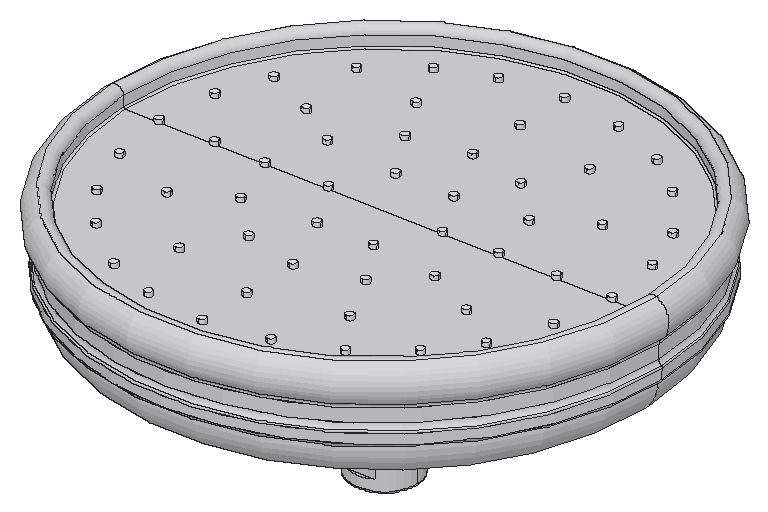
Revit family "Shower-Showerhead-KOHLER-Katalyst-13692W", category Plumbing Fixtures, host Face, Revit 2017
Family settings
  Host = Face
  Round Connector Dimension = Use Diameter
  Part Type = Normal
  OmniClass Number = 23.31.17.00
  OmniClass Title = Showers
  Cut with Voids When Loaded = No
  Shared = No
  Room Calculation Point = No
Parameters (values of type "CP-Polished Chrome")
  Width = 8 7/16"  # constant formula
  WaterSense Certified = 1 = 0  # no
  Waste Water Outlet = "Waste Water Outlet"  # constant formula
  Waste Connection = 1 = 0  # no
  Vent Connection = 1 = 0  # no
  URL = "https://www.kohler.co.uk/"
  Type = 1
  Tempered Water Inlet = "Tempered Water Inlet"  # constant formula
  Product Page URL = "https://www.kohler.co.uk/showering/water-delivery/rainheads/katalyst-traditional-round-rainhead-8in-diameter/"
  Product Name = "Katalyst"  # constant formula
  Product Documentation Link = "https://resources.kohler.com/plumbing/kohleruk/pdf/P6418%20Traditional%20Round%20Rainheads.pdf"
  Pressure = 7.252 psi  # constant formula
  Model = "13692W-CP"  # constant formula
  Material = "Brass Construction"  # constant formula
  Master Format 2014 Name = "Residential Showers"  # constant formula
  Master Format 2014 = "22 42 23"  # constant formula
  Manufacturer Address = "Cromwell Road, Cheltenham, Gloucestershire. GL52 5EP Registered in England No. 252115"  # constant formula
  Manufacturer = "KOHLER Co."  # constant formula
  Length = 8 7/16"  # constant formula
  Hot Water Inlet = "Hot Water Inlet"  # constant formula
  Height = 3 3/4"  # constant formula
  HW Connection = 1 = 1  # yes
  Flow Rate = 0 GPM
  Finish = Kohler-Metal-CP-Polished_Chrome
  Environmental Product Declaration = ""
  Drain Included = 1 = 0  # no
  Description = "Traditional round rainhead 8 Inch diameter"  # constant formula
  Default Elevation = 0"
  Declare Label = ""
  Date Modified = "09/07/2020"  # constant formula
  Date Created = "09/07/2020"  # constant formula
  Copyright = "Copyright KOHLER Co."  # constant formula
  Contact Us = "https://www.kohler.co.uk/support/contact/"
  Cold Water Inlet = "Cold Water Inlet"  # constant formula
  CW Connection = 1 = 0  # no
  Assembly Code = "D2010700"
  ADA Compliant = 1 = 0  # no
Reference planes (in)
  plane 1 "Center (Front/Back)": y = 0
  plane 2: z = 0
  plane 3 "Center (Left/Right)": x = 0
  plane 4: through (4.22264, 4.22346, 48) normal (0.0001, -1, 0)
  plane 5: through (-4.22264, -4.21525, 48) normal (-0.0001, 1, 0)
  plane 6: x = 4.21875
  plane 7: x = -4.21875
  plane 8: through (0.08932, -4.22264, 48) normal (-1, -0.0035, 0)
  plane 9: through (-0.082, 4.2293, 48) normal (1, 0.0035, 0)
  plane 10: through (4.22264, 0.06834, 48) normal (-0.0006, -1, 0)
  plane 11: through (-4.22264, -0.06834, 48) normal (0.0006, 1, 0)
  plane 12: z = 3.75
Dimensions and locks (in)
  "Width": plane 7 to plane 6
  "Length": plane 4 to plane 5
  "Height": plane 12 to level
  aligned and locked: plane 2 to host face
  aligned and locked: level to host face
Automatic sketch dimensions
  host sketch curve to host sketch curve = 96"  (x2)
Nested families (in)
  nested 1: "13692W" at (0, 0, 0), type "13692W"
Connectors (in)
  piping at (0, 0, 0), diameter 0.5, driven by "Flow Rate", driven by "Tempered Water Inlet", driven by "HW Connection", driven by "Pressure"
    settings: on nested 1, index 1, connector inside diameter 24", connector length 0", flow factor 0, pipe flow 0 GPM, pressure drop 7.252 psi, fitting loss kfactor 0, connector angle 0.00°, fixture units 0, engagement length 0", angle of deflection 0.00°, flow configuration 0, flow direction 1, fitting loss method 4, system type 19, joint type 0, gender type 0, connector reference index -1, connector utility 1, adjustable connector no, is connector primary yes, connector description "Tempered Water Inlet"
Definition of nested family "13692W"
  Parameters (values of type "13692W")
    Material = none
  Reference planes (in)
    plane 1 "Center (Front/Back)": y = 0
    plane 2: z = 0
    plane 3 "Center (Left/Right)": x = 0
    plane 4: x = -4.21875
    plane 5: x = 4.21875
    plane 6: z = 3.75
    plane 7: through (-5.3849, 4.22208, 48) normal (-0.0001, 1, 0)
    plane 8: through (-5.38369, -4.21542, 48) normal (-0.0001, 1, 0)
    plane 9: through (0.07442, 0.00435, 0.0236) normal (1, 0.0035, 0)
    plane 10: through (-0.06711, 0.00385, 0.0236) normal (1, 0.0035, 0)
    plane 11: through (0.00004, 0.07077, 0.0236) normal (0.0006, 1, 0)
    plane 12: through (-0.00004, -0.07077, 0.0236) normal (0.0006, 1, 0)
  Forms (in)
    Revolve 1, solid, material <- "Material", detail levels medium+fine
      sketch origin (0, 0, 0) x (1, 0, 0) y (0, 0, 1)
        loop
          line (0, 1.19535) -> (0, 3.4677) -> (-3.8452, 3.4677)
          arc (-3.8452, 3.4677) -> (-3.86407, 3.47552) -> (-3.87188, 3.49439) r 0.02668
          line (-3.87188, 3.49439) -> (-3.87188, 3.63739)
          arc (-3.87188, 3.63739) -> (-3.92397, 3.7322) -> (-4.03192, 3.73909) r 0.11234
          arc (-4.03192, 3.73909) -> (-4.21656, 3.48284) -> (-4.09612, 3.19086) r 0.32476
          arc (-4.09612, 3.19086) -> (-4.07687, 3.16679) -> (-4.07001, 3.13675) r 0.06913
          line (-4.07001, 3.13675) -> (-4.07001, 2.93682)
          arc (-4.07001, 2.93682) -> (-4.07993, 2.88923) -> (-4.10805, 2.84957) r 0.11907
          arc (-4.10805, 2.84957) -> (-4.11691, 2.83708) -> (-4.12004, 2.82208) r 0.03752
          line (-4.12004, 2.82208) -> (-4.12004, 2.67995)
          arc (-4.12004, 2.67995) -> (-4.10855, 2.65223) -> (-4.08084, 2.64075) r 0.0392
          line (-4.08084, 2.64075) -> (-4.0501, 2.64075)
          arc (-4.0501, 2.64075) -> (-3.95382, 2.30314) -> (-3.66286, 2.10667) r 0.51255
          line (-3.66286, 2.10667) -> (-1.26896, 1.50981)
          arc (-1.26896, 1.50981) -> (-1.0792, 1.43838) -> (-0.91086, 1.32535) r 0.87855
          line (-0.91086, 1.32535) -> (-0.91086, 1.19535) -> (0, 1.19535)
        axis (0, 1.19535) -> (0, 3.73909)
      angle from 0 to 360
    Extrusion 2, void
      sketch origin (0, 0, 0) x (1, 0, 0) y (0, 1, 0)
        loop
          line (0.49476, 0.85696) -> (-0.49476, 0.85696) -> (-0.98953, 0) -> (-0.49476, -0.85696) -> (0.49476, -0.85696) -> (0.98953, 0) -> (0.49476, 0.85696)
        loop
          line (-1.15672, 0) -> (-0.56515, -1.02463) -> (0.56515, -1.02463) -> (1.15672, 0) -> (0.56515, 1.02463) -> (-0.56515, 1.02463) -> (-1.15672, 0)
      from 1.19535 to 1.32535
    Revolve 3, solid, material <- "Material", detail levels medium+fine
      sketch origin (0, 0, 0) x (1, 0, 0) y (0, 0, 1)
        loop
          line (-0.49517, 0.75179) -> (-0.49517, 0.02027)
          arc (-0.49517, 0.02027) -> (-0.48923, 0.00594) -> (-0.47489, 0) r 0.02027
          line (-0.47489, 0) -> (0, 0) -> (0, 1.19535) -> (-0.43763, 1.19535)
          arc (-0.43763, 1.19535) -> (-0.39122, 1.13595) -> (-0.33697, 1.08361) r 0.53861
          arc (-0.33697, 1.08361) -> (-0.31234, 1.0187) -> (-0.35483, 0.9638) r 0.07102
          arc (-0.35483, 0.9638) -> (-0.4569, 0.87891) -> (-0.49517, 0.75179) r 0.23032
        axis (0, 0) -> (0, 1.19535)
      angle from 0 to 360
    Extrusion 4, void
      sketch origin (0, 0, 0) x (1, 0, 0) y (0, 0, -1)
        loop
          line (-0.53777, -0.17323) -> (-0.53777, -1.0187) -> (0.7506, -1.0187) -> (0.7506, -0.17323) -> (-0.53777, -0.17323)
      from 0.44233 to 0.56317
    Extrusion 5, solid, material <- "Material", detail levels medium+fine
      sketch origin (0, 0, 0) x (1, 0, 0) y (0, 1, 0)
        loop
          circle (0, 0) r 0.07077
      from 0 to 0.0236
    Revolve 6, solid, material <- "Material", detail levels coarse
      sketch origin (0, 0, 0) x (1, 0, 0) y (0, 0, 1)
        loop
          line (-0.55866, 0) -> (0, 0) -> (0, 3.78094) -> (-4.22191, 3.78094) -> (-4.22191, 2.61699)
          arc (-4.22191, 2.61699) -> (-4.11526, 2.30832) -> (-3.84079, 2.13133) r 0.5
          line (-3.84079, 2.13133) -> (-0.9313, 1.41915) -> (-0.9313, 1.18162) -> (-0.55866, 1.18162) -> (-0.55866, 0)
        axis (0, 3.78094) -> (0, 0)
      angle from 0 to 360
    Extrusion 7, solid, detail levels medium+fine
      sketch origin (0, 0, 0) x (1, 0, 0) y (0, 1, 0)
        loop
          circle (-1.64146, 2.95796) r 0.05628
        loop
          circle (-0.90403, 3.2431) r 0.05628
        loop
          circle (-1.28559, 2.19478) r 0.05628
        loop
          circle (-2.3396, 2.40459) r 0.05628
        loop
          circle (-2.95386, 1.64556) r 0.05628
        loop
          circle (-2.19068, 1.28969) r 0.05628
        loop
          circle (-0.89365, 1.50142) r 0.05628
        loop
          circle (-1.53397, 0.86111) r 0.05628
        loop
          circle (-3.23899, 0.90813) r 0.05628
        loop
          circle (-3.35307, 0.01894) r 0.05628
        loop
          circle (-2.53071, 0.01894) r 0.05628
        loop
          circle (-1.76599, -0.00482) r 0.05628
        loop
          circle (-2.21751, -1.25991) r 0.05628
        loop
          circle (-1.46448, -0.8332) r 0.05628
        loop
          circle (-3.2146, -0.88861) r 0.05628
        loop
          circle (-2.88383, -1.72647) r 0.05628
        loop
          circle (-2.40049, -2.34327) r 0.05628
        loop
          circle (-1.28559, -2.19435) r 0.05628
        loop
          circle (-1.64146, -2.95753) r 0.05628
        loop
          circle (-0.40814, -0.73592) r 0.05628
        loop
          circle (-0.84452, 0.0199) r 0.05628
        loop
          circle (-0.83514, -1.47079) r 0.05628
        loop
          circle (-0.90403, -3.24266) r 0.05628
        loop
          circle (-0.42743, 0.74232) r 0.05628
        loop
          circle (-0.01411, -1.6755) r 0.05628
        loop
          circle (-0.01484, -2.53438) r 0.05628
        loop
          circle (-0.01484, -3.35674) r 0.05628
        loop
          circle (0.89272, -3.21827) r 0.05628
        loop
          circle (1.26402, -2.22118) r 0.05628
        loop
          circle (1.73057, -2.8875) r 0.05628
        loop
          circle (2.40826, -2.34327) r 0.05628
        loop
          circle (2.8916, -1.72647) r 0.05628
        loop
          circle (3.22237, -0.88861) r 0.05628
        loop
          circle (2.22529, -1.25991) r 0.05628
        loop
          circle (1.44218, -0.86786) r 0.05628
        loop
          circle (0.87197, -1.43807) r 0.05628
        loop
          circle (0.42763, -0.73592) r 0.05628
        loop
          circle (0.86073, 0.00496) r 0.05231
        loop
          circle (1.6796, 0.01821) r 0.05628
        loop
          circle (2.53848, 0.01894) r 0.05628
        loop
          circle (3.36084, 0.01894) r 0.05628
        loop
          circle (3.24677, 0.90813) r 0.05628
        loop
          circle (2.96163, 1.64556) r 0.05628
        loop
          circle (2.19845, 1.28969) r 0.05628
        loop
          circle (1.47489, 0.83924) r 0.05628
        loop
          circle (0.43501, 0.74232) r 0.05628
        loop
          circle (-0.01405, 1.65652) r 0.05628
        loop
          circle (0.84937, 1.46477) r 0.05628
        loop
          circle (-0.01484, 2.53481) r 0.05628
        loop
          circle (-0.01484, 3.35717) r 0.05628
        loop
          circle (0.89272, 3.2187) r 0.05628
        loop
          circle (1.73057, 2.88793) r 0.05628
        loop
          circle (1.26402, 2.22162) r 0.05628
        loop
          circle (2.34737, 2.40459) r 0.05628
      from 3.41589 to 3.51953
    Extrusion 8, void
      sketch origin (0, 0, 0) x (1, 0, 0) y (0, 0, 1)
        loop
          line (-0.53777, 0.17323) -> (0.7506, 0.17323) -> (0.7506, 1.0187) -> (-0.53777, 1.0187) -> (-0.53777, 0.17323)
      from 0.44233 to 0.56317
  Cuts and joins
    Extrusion 2, Extrusion 8 cuts Revolve 1
    Extrusion 4, Extrusion 8 cuts Revolve 3
    joined: Revolve 1, Revolve 3
  Lines and regions (in)
    Masking region 1
      outline origin (0, 0, 0) x (1, 0, 0) y (0, 1, 0)
        loop
          circle (0, 0) r 4.22264
    Masking region 2
      outline origin (0, 0, 0) x (1, 0, 0) y (0, 0, 1)
        loop
          arc (-0.43763, 1.19535) -> (-0.39122, 1.13595) -> (-0.33697, 1.08361) r 0.53861
          arc (-0.33697, 1.08361) -> (-0.31234, 1.0187) -> (-0.35483, 0.9638) r 0.07102
          arc (-0.35483, 0.9638) -> (-0.4569, 0.87891) -> (-0.49517, 0.75179) r 0.23032
          line (-0.49517, 0.75179) -> (-0.49517, 0.02027)
          arc (-0.49517, 0.02027) -> (-0.48923, 0.00594) -> (-0.47489, 0) r 0.02027
          line (-0.47489, 0) -> (0, 0) -> (0.47489, 0)
          arc (0.47489, 0) -> (0.48923, 0.00594) -> (0.49517, 0.02027) r 0.02027
          line (0.49517, 0.02027) -> (0.49517, 0.75179)
          arc (0.49517, 0.75179) -> (0.4569, 0.87891) -> (0.35483, 0.9638) r 0.23032
          arc (0.35483, 0.9638) -> (0.31234, 1.0187) -> (0.33697, 1.08361) r 0.07102
          arc (0.33697, 1.08361) -> (0.39122, 1.13595) -> (0.43763, 1.19535) r 0.53861
          line (0.43763, 1.19535) -> (0.91086, 1.19535) -> (0.91086, 1.32535)
          arc (0.91086, 1.32535) -> (1.0792, 1.43838) -> (1.26896, 1.50981) r 0.87855
          line (1.26896, 1.50981) -> (3.66286, 2.10667)
          arc (3.66286, 2.10667) -> (3.95382, 2.30314) -> (4.0501, 2.64075) r 0.51255
          line (4.0501, 2.64075) -> (4.08084, 2.64075)
          arc (4.08084, 2.64075) -> (4.10855, 2.65223) -> (4.12004, 2.67995) r 0.0392
          line (4.12004, 2.67995) -> (4.12004, 2.82208)
          arc (4.12004, 2.82208) -> (4.11691, 2.83708) -> (4.10805, 2.84957) r 0.03752
          arc (4.10805, 2.84957) -> (4.07993, 2.88923) -> (4.07001, 2.93682) r 0.11907
          line (4.07001, 2.93682) -> (4.07001, 3.13675)
          arc (4.07001, 3.13675) -> (4.07687, 3.16679) -> (4.09612, 3.19086) r 0.06913
          arc (4.09612, 3.19086) -> (4.21461, 3.49688) -> (4.00574, 3.75) r 0.32476
          line (4.00574, 3.75) -> (0, 3.75) -> (-4.00574, 3.75)
          arc (-4.00574, 3.75) -> (-4.21461, 3.49688) -> (-4.09612, 3.19086) r 0.32476
          arc (-4.09612, 3.19086) -> (-4.07687, 3.16679) -> (-4.07001, 3.13675) r 0.06913
          line (-4.07001, 3.13675) -> (-4.07001, 2.93682)
          arc (-4.07001, 2.93682) -> (-4.07993, 2.88923) -> (-4.10805, 2.84957) r 0.11907
          arc (-4.10805, 2.84957) -> (-4.11691, 2.83708) -> (-4.12004, 2.82208) r 0.03752
          line (-4.12004, 2.82208) -> (-4.12004, 2.67995)
          arc (-4.12004, 2.67995) -> (-4.10855, 2.65223) -> (-4.08084, 2.64075) r 0.0392
          line (-4.08084, 2.64075) -> (-4.0501, 2.64075)
          arc (-4.0501, 2.64075) -> (-3.95382, 2.30314) -> (-3.66286, 2.10667) r 0.51255
          line (-3.66286, 2.10667) -> (-1.26896, 1.50981)
          arc (-1.26896, 1.50981) -> (-1.0792, 1.43838) -> (-0.91086, 1.32535) r 0.87855
          line (-0.91086, 1.32535) -> (-0.91086, 1.19535) -> (-0.43763, 1.19535)
    Masking region 3
      outline origin (0, 0, 0) x (0, 1, 0) y (0, 0, 1)
        loop
          line (-0.47499, -0.00011) -> (0, -0.00011) -> (0.475, -0.00011)
          arc (0.475, -0.00011) -> (0.48943, 0.00587) -> (0.49541, 0.0203) r 0.02042
          line (0.49541, 0.0203) -> (0.49541, 0.17323) -> (0.44233, 0.17323) -> (0.44233, 0.89858)
          arc (0.44233, 0.89858) -> (0.4025, 0.93645) -> (0.35484, 0.9638) r 0.23032
          arc (0.35484, 0.9638) -> (0.31234, 1.01871) -> (0.33697, 1.08361) r 0.07102
          arc (0.33697, 1.08361) -> (0.39122, 1.13595) -> (0.43763, 1.19535) r 0.53861
          line (0.43763, 1.19535) -> (0.91086, 1.19535) -> (0.91086, 1.32535)
          arc (0.91086, 1.32535) -> (1.0792, 1.43838) -> (1.26896, 1.50981) r 0.87855
          line (1.26896, 1.50981) -> (3.66286, 2.10667)
          arc (3.66286, 2.10667) -> (3.95382, 2.30314) -> (4.0501, 2.64075) r 0.51255
          line (4.0501, 2.64075) -> (4.09167, 2.64075)
          arc (4.09167, 2.64075) -> (4.11939, 2.65223) -> (4.13087, 2.67995) r 0.0392
          line (4.13087, 2.67995) -> (4.13087, 2.82208)
          arc (4.13087, 2.82208) -> (4.12774, 2.83708) -> (4.11888, 2.84957) r 0.03752
          arc (4.11888, 2.84957) -> (4.09076, 2.88923) -> (4.08084, 2.93682) r 0.11907
          line (4.08084, 2.93682) -> (4.08084, 3.13675)
          arc (4.08084, 3.13675) -> (4.08771, 3.16679) -> (4.10695, 3.19086) r 0.06913
          arc (4.10695, 3.19086) -> (4.22544, 3.49688) -> (4.01658, 3.75) r 0.32476
          line (4.01658, 3.75) -> (0, 3.75) -> (-4.00574, 3.75)
          arc (-4.00574, 3.75) -> (-4.21461, 3.49688) -> (-4.09612, 3.19086) r 0.32476
          arc (-4.09612, 3.19086) -> (-4.07687, 3.16679) -> (-4.07001, 3.13675) r 0.06913
          line (-4.07001, 3.13675) -> (-4.07001, 2.93682)
          arc (-4.07001, 2.93682) -> (-4.07993, 2.88923) -> (-4.10805, 2.84957) r 0.11907
          arc (-4.10805, 2.84957) -> (-4.11691, 2.83708) -> (-4.12004, 2.82208) r 0.03752
          line (-4.12004, 2.82208) -> (-4.12004, 2.67995)
          arc (-4.12004, 2.67995) -> (-4.10855, 2.65223) -> (-4.08084, 2.64075) r 0.0392
          line (-4.08084, 2.64075) -> (-4.0501, 2.64075)
          arc (-4.0501, 2.64075) -> (-3.95382, 2.30314) -> (-3.66286, 2.10667) r 0.51255
          line (-3.66286, 2.10667) -> (-1.26896, 1.50981)
          arc (-1.26896, 1.50981) -> (-1.0792, 1.43838) -> (-0.91086, 1.32535) r 0.87855
          line (-0.91086, 1.32535) -> (-0.91086, 1.19535) -> (-0.43763, 1.19535)
          arc (-0.43763, 1.19535) -> (-0.39122, 1.13595) -> (-0.33697, 1.08361) r 0.53861
          arc (-0.33697, 1.08361) -> (-0.31234, 1.01871) -> (-0.35484, 0.9638) r 0.07102
          arc (-0.35484, 0.9638) -> (-0.4025, 0.93645) -> (-0.44233, 0.89858) r 0.23032
          line (-0.44233, 0.89858) -> (-0.44233, 0.17323) -> (-0.49539, 0.17323) -> (-0.49539, 0.0203)
          arc (-0.49539, 0.0203) -> (-0.48942, 0.00587) -> (-0.47499, -0.00011) r 0.02041
    symbolic lines, detail levels medium+fine
      curve 1: arc (-3.40935, 0.01894, 0) -> (-3.35307, -0.03734, 0) -> (-3.29679, 0.01894, 0) r 0.05628
      curve 2: arc (-3.29679, 0.01894, 0) -> (-3.35307, 0.07522, 0) -> (-3.40935, 0.01894, 0) r 0.05628
      curve 3: arc (-2.58699, 0.01894, 0) -> (-2.53071, -0.03734, 0) -> (-2.47443, 0.01894, 0) r 0.05628
      curve 4: arc (-2.47443, 0.01894, 0) -> (-2.53071, 0.07522, 0) -> (-2.58699, 0.01894, 0) r 0.05628
      curve 5: arc (-1.82227, -0.00482, 0) -> (-1.76599, -0.0611, 0) -> (-1.70971, -0.00482, 0) r 0.05628
      curve 6: arc (-1.70971, -0.00482, 0) -> (-1.76599, 0.05146, 0) -> (-1.82227, -0.00482, 0) r 0.05628
      curve 7: arc (-0.9008, 0.0199, 0) -> (-0.84452, -0.03638, 0) -> (-0.78823, 0.0199, 0) r 0.05628
      curve 8: arc (-0.78823, 0.0199, 0) -> (-0.84452, 0.07618, 0) -> (-0.9008, 0.0199, 0) r 0.05628
      curve 9: arc (-3.27088, -0.88861, 0) -> (-3.2146, -0.94489, 0) -> (-3.15832, -0.88861, 0) r 0.05628
      curve 10: arc (-3.15832, -0.88861, 0) -> (-3.2146, -0.83233, 0) -> (-3.27088, -0.88861, 0) r 0.05628
      curve 11: arc (-1.52076, -0.8332, 0) -> (-1.46448, -0.88948, 0) -> (-1.4082, -0.8332, 0) r 0.05628
      curve 12: arc (-1.4082, -0.8332, 0) -> (-1.46448, -0.77692, 0) -> (-1.52076, -0.8332, 0) r 0.05628
      curve 13: arc (-2.27379, -1.25991, 0) -> (-2.21751, -1.3162, 0) -> (-2.16123, -1.25991, 0) r 0.05628
      curve 14: arc (-2.16123, -1.25991, 0) -> (-2.21751, -1.20363, 0) -> (-2.27379, -1.25991, 0) r 0.05628
      curve 15: arc (-2.94011, -1.72647, 0) -> (-2.88383, -1.78275, 0) -> (-2.82755, -1.72647, 0) r 0.05628
      curve 16: arc (-2.82755, -1.72647, 0) -> (-2.88383, -1.67019, 0) -> (-2.94011, -1.72647, 0) r 0.05628
      curve 17: arc (-0.83514, -1.41451, 0) -> (-0.89142, -1.47079, 0) -> (-0.83514, -1.52707, 0) r 0.05628
      curve 18: arc (-0.83514, -1.52707, 0) -> (-0.77886, -1.47079, 0) -> (-0.83514, -1.41451, 0) r 0.05628
      curve 19: arc (-1.28559, -2.13807, 0) -> (-1.34187, -2.19435, 0) -> (-1.28559, -2.25063, 0) r 0.05628
      curve 20: arc (-1.28559, -2.25063, 0) -> (-1.2293, -2.19435, 0) -> (-1.28559, -2.13807, 0) r 0.05628
      curve 21: arc (-2.40049, -2.28698, 0) -> (-2.45677, -2.34327, 0) -> (-2.40049, -2.39955, 0) r 0.05628
      curve 22: arc (-2.40049, -2.39955, 0) -> (-2.34421, -2.34327, 0) -> (-2.40049, -2.28698, 0) r 0.05628
      curve 23: arc (-1.64146, -3.01381, 0) -> (-1.58518, -2.95753, 0) -> (-1.64146, -2.90125, 0) r 0.05628
      curve 24: arc (-1.64146, -2.90125, 0) -> (-1.69774, -2.95753, 0) -> (-1.64146, -3.01381, 0) r 0.05628
      curve 25: arc (-0.90403, -3.18638, 0) -> (-0.96031, -3.24266, 0) -> (-0.90403, -3.29894, 0) r 0.05628
      curve 26: arc (-0.90403, -3.29894, 0) -> (-0.84775, -3.24266, 0) -> (-0.90403, -3.18638, 0) r 0.05628
      curve 27: arc (-0.01484, -3.30046, 0) -> (-0.07112, -3.35674, 0) -> (-0.01484, -3.41302, 0) r 0.05628
      curve 28: arc (-0.01484, -3.41302, 0) -> (0.04144, -3.35674, 0) -> (-0.01484, -3.30046, 0) r 0.05628
      curve 29: arc (-0.01484, -2.47809, 0) -> (-0.07112, -2.53438, 0) -> (-0.01484, -2.59066, 0) r 0.05628
      curve 30: arc (-0.01484, -2.59066, 0) -> (0.04144, -2.53438, 0) -> (-0.01484, -2.47809, 0) r 0.05628
      curve 31: arc (-0.01411, -1.61922, 0) -> (-0.07039, -1.6755, 0) -> (-0.01411, -1.73178, 0) r 0.05628
      curve 32: arc (-0.01411, -1.73178, 0) -> (0.04217, -1.6755, 0) -> (-0.01411, -1.61922, 0) r 0.05628
      curve 33: arc (-0.46442, -0.73592, 0) -> (-0.40814, -0.7922, 0) -> (-0.35186, -0.73592, 0) r 0.05628
      curve 34: arc (-0.35186, -0.73592, 0) -> (-0.40814, -0.67964, 0) -> (-0.46442, -0.73592, 0) r 0.05628
      curve 35: arc (0.37135, -0.73592, 0) -> (0.42763, -0.7922, 0) -> (0.48391, -0.73592, 0) r 0.05628
      curve 36: arc (0.48391, -0.73592, 0) -> (0.42763, -0.67964, 0) -> (0.37135, -0.73592, 0) r 0.05628
      curve 37: arc (0.89272, -3.16198, 0) -> (0.83643, -3.21827, 0) -> (0.89272, -3.27455, 0) r 0.05628
      curve 38: arc (0.89272, -3.27455, 0) -> (0.949, -3.21827, 0) -> (0.89272, -3.16198, 0) r 0.05628
      curve 39: arc (1.73057, -2.83121, 0) -> (1.67429, -2.8875, 0) -> (1.73057, -2.94378, 0) r 0.05628
      curve 40: arc (1.73057, -2.94378, 0) -> (1.78685, -2.8875, 0) -> (1.73057, -2.83121, 0) r 0.05628
      curve 41: arc (1.26402, -2.1649, 0) -> (1.20774, -2.22118, 0) -> (1.26402, -2.27746, 0) r 0.05628
      curve 42: arc (1.26402, -2.27746, 0) -> (1.3203, -2.22118, 0) -> (1.26402, -2.1649, 0) r 0.05628
      curve 43: arc (0.87197, -1.38179, 0) -> (0.81569, -1.43807, 0) -> (0.87197, -1.49436, 0) r 0.05628
      curve 44: arc (0.87197, -1.49436, 0) -> (0.92825, -1.43807, 0) -> (0.87197, -1.38179, 0) r 0.05628
      curve 45: arc (2.40826, -2.28698, 0) -> (2.46454, -2.34327, 0) -> (2.40826, -2.39955, 0) r 0.05628
      curve 46: arc (2.40826, -2.39955, 0) -> (2.35198, -2.34327, 0) -> (2.40826, -2.28698, 0) r 0.05628
      curve 47: arc (2.94788, -1.72647, 0) -> (2.8916, -1.78275, 0) -> (2.83532, -1.72647, 0) r 0.05628
      curve 48: arc (2.83532, -1.72647, 0) -> (2.8916, -1.67019, 0) -> (2.94788, -1.72647, 0) r 0.05628
      curve 49: arc (3.27865, -0.88861, 0) -> (3.22237, -0.94489, 0) -> (3.16609, -0.88861, 0) r 0.05628
      curve 50: arc (3.16609, -0.88861, 0) -> (3.22237, -0.83233, 0) -> (3.27865, -0.88861, 0) r 0.05628
      curve 51: arc (2.28157, -1.25991, 0) -> (2.22529, -1.3162, 0) -> (2.169, -1.25991, 0) r 0.05628
      curve 52: arc (2.169, -1.25991, 0) -> (2.22529, -1.20363, 0) -> (2.28157, -1.25991, 0) r 0.05628
      curve 53: arc (1.3859, -0.86786, 0) -> (1.44218, -0.92415, 0) -> (1.49846, -0.86786, 0) r 0.05628
      curve 54: arc (1.49846, -0.86786, 0) -> (1.44218, -0.81158, 0) -> (1.3859, -0.86786, 0) r 0.05628
      curve 55: arc (0.80841, 0.00496, 0) -> (0.86073, -0.04735, 0) -> (0.91304, 0.00496, 0) r 0.05231
      curve 56: arc (0.91304, 0.00496, 0) -> (0.86073, 0.05727, 0) -> (0.80841, 0.00496, 0) r 0.05231
      curve 57: arc (1.73588, 0.01821, 0) -> (1.6796, 0.07449, 0) -> (1.62332, 0.01821, 0) r 0.05628
      curve 58: arc (1.62332, 0.01821, 0) -> (1.6796, -0.03807, 0) -> (1.73588, 0.01821, 0) r 0.05628
      curve 59: arc (2.4822, 0.01894, 0) -> (2.53848, 0.07522, 0) -> (2.59476, 0.01894, 0) r 0.05628
      curve 60: arc (2.59476, 0.01894, 0) -> (2.53848, -0.03734, 0) -> (2.4822, 0.01894, 0) r 0.05628
      curve 61: arc (3.30456, 0.01894, 0) -> (3.36084, 0.07522, 0) -> (3.41712, 0.01894, 0) r 0.05628
      curve 62: arc (3.41712, 0.01894, 0) -> (3.36084, -0.03734, 0) -> (3.30456, 0.01894, 0) r 0.05628
      curve 63: arc (0.37873, 0.74232, 0) -> (0.43501, 0.68604, 0) -> (0.49129, 0.74232, 0) r 0.05628
      curve 64: arc (0.49129, 0.74232, 0) -> (0.43501, 0.7986, 0) -> (0.37873, 0.74232, 0) r 0.05628
      curve 65: arc (1.41861, 0.83924, 0) -> (1.47489, 0.78296, 0) -> (1.53118, 0.83924, 0) r 0.05628
      curve 66: arc (1.53118, 0.83924, 0) -> (1.47489, 0.89552, 0) -> (1.41861, 0.83924, 0) r 0.05628
      curve 67: arc (3.30305, 0.90813, 0) -> (3.24677, 0.85185, 0) -> (3.19048, 0.90813, 0) r 0.05628
      curve 68: arc (3.19048, 0.90813, 0) -> (3.24677, 0.96441, 0) -> (3.30305, 0.90813, 0) r 0.05628
      curve 69: arc (3.01791, 1.64556, 0) -> (2.96163, 1.58928, 0) -> (2.90535, 1.64556, 0) r 0.05628
      curve 70: arc (2.90535, 1.64556, 0) -> (2.96163, 1.70184, 0) -> (3.01791, 1.64556, 0) r 0.05628
      curve 71: arc (2.25473, 1.28969, 0) -> (2.19845, 1.23341, 0) -> (2.14217, 1.28969, 0) r 0.05628
      curve 72: arc (2.14217, 1.28969, 0) -> (2.19845, 1.34597, 0) -> (2.25473, 1.28969, 0) r 0.05628
      curve 73: arc (2.40365, 2.40459, 0) -> (2.34737, 2.46087, 0) -> (2.29109, 2.40459, 0) r 0.05628
      curve 74: arc (2.29109, 2.40459, 0) -> (2.34737, 2.34831, 0) -> (2.40365, 2.40459, 0) r 0.05628
      curve 75: arc (1.73057, 2.94421, 0) -> (1.78685, 2.88793, 0) -> (1.73057, 2.83165, 0) r 0.05628
      curve 76: arc (1.73057, 2.83165, 0) -> (1.67429, 2.88793, 0) -> (1.73057, 2.94421, 0) r 0.05628
      curve 77: arc (1.26402, 2.2779, 0) -> (1.3203, 2.22162, 0) -> (1.26402, 2.16533, 0) r 0.05628
      curve 78: arc (1.26402, 2.16533, 0) -> (1.20774, 2.22162, 0) -> (1.26402, 2.2779, 0) r 0.05628
      curve 79: arc (0.79308, 1.46477, 0) -> (0.84937, 1.40849, 0) -> (0.90565, 1.46477, 0) r 0.05628
      curve 80: arc (0.90565, 1.46477, 0) -> (0.84937, 1.52105, 0) -> (0.79308, 1.46477, 0) r 0.05628
      curve 81: arc (-0.48371, 0.74232, 0) -> (-0.42743, 0.68604, 0) -> (-0.37115, 0.74232, 0) r 0.05628
      curve 82: arc (-0.37115, 0.74232, 0) -> (-0.42743, 0.7986, 0) -> (-0.48371, 0.74232, 0) r 0.05628
      curve 83: arc (-0.07033, 1.65652, 0) -> (-0.01405, 1.60024, 0) -> (0.04223, 1.65652, 0) r 0.05628
      curve 84: arc (0.04223, 1.65652, 0) -> (-0.01405, 1.7128, 0) -> (-0.07033, 1.65652, 0) r 0.05628
      curve 85: arc (-1.59025, 0.86111, 0) -> (-1.53397, 0.80483, 0) -> (-1.47768, 0.86111, 0) r 0.05628
      curve 86: arc (-1.47768, 0.86111, 0) -> (-1.53397, 0.91739, 0) -> (-1.59025, 0.86111, 0) r 0.05628
      curve 87: arc (-3.29528, 0.90813, 0) -> (-3.23899, 0.85185, 0) -> (-3.18271, 0.90813, 0) r 0.05628
      curve 88: arc (-3.18271, 0.90813, 0) -> (-3.23899, 0.96441, 0) -> (-3.29528, 0.90813, 0) r 0.05628
      curve 89: arc (-3.01014, 1.64556, 0) -> (-2.95386, 1.58928, 0) -> (-2.89758, 1.64556, 0) r 0.05628
      curve 90: arc (-2.89758, 1.64556, 0) -> (-2.95386, 1.70184, 0) -> (-3.01014, 1.64556, 0) r 0.05628
      curve 91: arc (-2.24696, 1.28969, 0) -> (-2.19068, 1.23341, 0) -> (-2.1344, 1.28969, 0) r 0.05628
      curve 92: arc (-2.1344, 1.28969, 0) -> (-2.19068, 1.34597, 0) -> (-2.24696, 1.28969, 0) r 0.05628
      curve 93: arc (-1.28559, 2.25107, 0) -> (-1.2293, 2.19478, 0) -> (-1.28559, 2.1385, 0) r 0.05628
      curve 94: arc (-1.28559, 2.1385, 0) -> (-1.34187, 2.19478, 0) -> (-1.28559, 2.25107, 0) r 0.05628
      curve 95: arc (-2.39588, 2.40459, 0) -> (-2.3396, 2.34831, 0) -> (-2.28332, 2.40459, 0) r 0.05628
      curve 96: arc (-2.28332, 2.40459, 0) -> (-2.3396, 2.46087, 0) -> (-2.39588, 2.40459, 0) r 0.05628
      curve 97: arc (-1.64146, 3.01424, 0) -> (-1.58518, 2.95796, 0) -> (-1.64146, 2.90168, 0) r 0.05628
      curve 98: arc (-1.64146, 2.90168, 0) -> (-1.69774, 2.95796, 0) -> (-1.64146, 3.01424, 0) r 0.05628
      curve 99: arc (-0.90403, 3.29938, 0) -> (-0.84775, 3.2431, 0) -> (-0.90403, 3.18682, 0) r 0.05628
      curve 100: arc (-0.90403, 3.18682, 0) -> (-0.96031, 3.2431, 0) -> (-0.90403, 3.29938, 0) r 0.05628
      curve 101: arc (-0.01484, 2.47853, 0) -> (-0.07112, 2.53481, 0) -> (-0.01484, 2.59109, 0) r 0.05628
      curve 102: arc (-0.01484, 2.59109, 0) -> (0.04144, 2.53481, 0) -> (-0.01484, 2.47853, 0) r 0.05628
      curve 103: arc (-0.01484, 3.30089, 0) -> (-0.07112, 3.35717, 0) -> (-0.01484, 3.41345, 0) r 0.05628
      curve 104: arc (-0.01484, 3.41345, 0) -> (0.04144, 3.35717, 0) -> (-0.01484, 3.30089, 0) r 0.05628
      curve 105: arc (0.89272, 3.27498, 0) -> (0.949, 3.2187, 0) -> (0.89272, 3.16242, 0) r 0.05628
      curve 106: arc (0.89272, 3.16242, 0) -> (0.83643, 3.2187, 0) -> (0.89272, 3.27498, 0) r 0.05628
      curve 107: arc (-0.94993, 1.50142, 0) -> (-0.89365, 1.44514, 0) -> (-0.83737, 1.50142, 0) r 0.05628
      curve 108: arc (-0.83737, 1.50142, 0) -> (-0.89365, 1.5577, 0) -> (-0.94993, 1.50142, 0) r 0.05628
      curve 109: line (-4.09612, 0, 3.19086) -> (4.09612, 0, 3.19086)
      curve 110: line (-4.10805, 0, 2.84957) -> (4.10805, 0, 2.84957)
      curve 111: line (-4.08084, 0, 2.64075) -> (4.08084, 0, 2.64075)
      curve 112: line (-3.66286, 0, 2.10667) -> (3.66286, 0, 2.10667)
      curve 113: line (-0.29308, 0, 1.19535) -> (-0.29308, 0, 1.32535)
      curve 114: line (0.29308, 0, 1.32535) -> (0.29308, 0, 1.19535)
      curve 115: line (0.91086, 0, 1.32535) -> (-0.91086, 0, 1.32535)
      curve 116: line (-0.43763, 0, 1.19535) -> (0.43763, 0, 1.19535)
      curve 117: line (-0.35483, 0, 0.9638) -> (0.35483, 0, 0.9638)
      curve 118: line (-0.33697, 0, 1.08361) -> (0.33697, 0, 1.08361)
      curve 119: line (0, 0, 1.19535) -> (0, 0.85696, 1.19535)
      curve 120: line (0, -0.85696, 1.19535) -> (0, 0, 1.19535)
      curve 121: line (0, -0.69583, 1.19535) -> (0, -0.69583, 1.32535)
      curve 122: line (0, 0.69583, 1.32535) -> (0, 0.69583, 1.19535)
      curve 123: line (0, 0.16113, 1.19535) -> (0, 0.16113, 1.32535)
      curve 124: line (0, -0.16113, 1.32535) -> (0, -0.16113, 1.19535)
      curve 125: line (0, 0.91086, 1.32535) -> (0, -0.91086, 1.32535)
      curve 126: line (0, 0, 2.64075) -> (0, 4.08084, 2.64075)
      curve 127: line (0, -4.08084, 2.64075) -> (0, 0, 2.64075)
      curve 128: line (0, -4.09612, 3.19086) -> (0, 4.09612, 3.19086)
      curve 129: line (0, -4.10805, 2.84957) -> (0, 4.10805, 2.84957)
      curve 130: line (0, -3.73003, 2.12843) -> (0, 3.73003, 2.12843)
      curve 131: line (0, -0.33697, 1.08361) -> (0, 0.33697, 1.08361)
      curve 132: line (0, -0.35483, 0.9638) -> (0, 0.35483, 0.9638)
      curve 133: line (0.22256, 0, 0.75179) -> (-0.22256, 0, 0.75179)
      curve 134: line (-0.22256, 0, 0.75179) -> (-0.22256, 0, 0.18884)
      curve 135: line (0.22256, 0, 0.18872) -> (0.22256, 0, 0.75179)
      curve 136: arc (-0.20792, 0, 0.16687) -> (0.00006, 0, 0.12526) -> (0.20804, 0, 0.16692) r 0.54029
      curve 137: arc (-0.22256, 0, 0.18884) -> (-0.21857, 0, 0.17564) -> (-0.20792, 0, 0.16687) r 0.0238
      curve 138: arc (0.20804, 0, 0.16692) -> (0.2186, 0, 0.17562) -> (0.22256, 0, 0.18872) r 0.02362
      curve 139: circle (0, 0, 0) r 3.86194 normal (0, 0, 1)
  Dimensions and locks (in)
    plane 4 to plane 5 = 8 7/16"  (x2)
    plane 6 to level = 3 3/4"
    plane 7 to plane 8 = 8 7/16"
    aligned and locked: plane 2 to level
